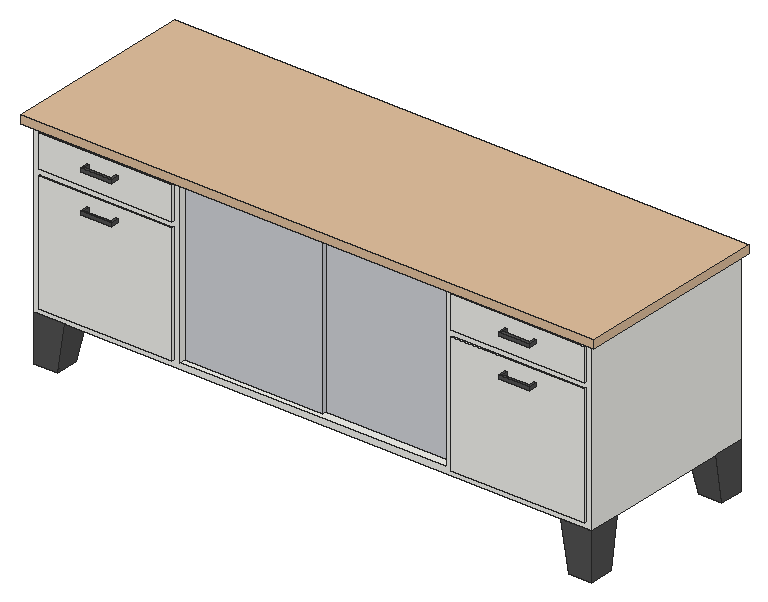
Revit family
Parameters (values of type "1830 x 0610mm")
  깊이 = 610.00 mm
  책상-몸체 = 래미네이티드 플라스틱 - 아이보리색, 무광
  핸들/다리 재료 = 금속 - 크롬
  상단 재료 = 목재 - 벚나무
  높이 = 734.00 mm
  폭 = 1830.00 mm
Types (3, lengths in mm): name | 폭
  (no name) | 1830.00
  1830 x 0610mm | 1830.00
  1525 x 0610mm | 1525.00
Reference planes
  plane 1 "중심(앞/뒤)": y = 4.58
  plane 2: z = 0
  plane 3 "중심(왼쪽/오른쪽)": x = 59.544
  plane 4 "뒤로": y = 309.58
  plane 5 "앞면": y = -300.42
  plane 6 "오른쪽": x = 974.544
  plane 7 "왼쪽": x = -855.456
  plane 8 "상단": z = 734
  plane 9: z = 152.4
  plane 10: x = -397.956
  plane 11: x = 517.044
  plane 12: y = -306.77
  plane 13: y = 290.33
  plane 14: x = 745.794
  plane 15: z = 654.137
  plane 16: z = 527.05
  plane 17: x = 694.544
  plane 18: x = -626.706
  plane 19: z = 654.05
  plane 20: z = 527.05
Forms (mm)
  Extrusion 1, solid, material "목재 - 벚나무" <- "상단 재료"
    sketch origin (0, 0, 0) x (1, 0, 0) y (0, 1, 0)
      loop
        line (-880.856, 309.58) -> (-880.856, -325.82) -> (999.944, -325.82) -> (999.944, 309.58) -> (-880.856, 309.58)
    from 708.6 to 734
  Extrusion 2, solid, material "래미네이티드 플라스틱 - 아이보리색, 무광" <- "책상-몸체"
    sketch origin (0, 0, 0) x (1, 0, 0) y (0, 1, 0)
      loop
        line (-855.456, 309.58) -> (-855.456, -300.42) -> (974.544, -300.42) -> (974.544, 309.58) -> (-855.456, 309.58)
    from 152.4 to 708.6
  Blend 3, solid, material "금속 - 크롬" <- "핸들/다리 재료"
    base sketch origin (-854.856, 614.18, 0) x (1, 0, 0) y (0, 1, 0)
      loop
        line (1829.4, -914.6) -> (1829.4, -838.4) -> (1753.2, -838.4) -> (1753.2, -914.6) -> (1829.4, -914.6)
    top sketch origin (-854.856, 614.18, 0) x (1, 0, 0) y (0, 1, 0)
      loop
        line (1829.4, -914.6) -> (1829.4, -813) -> (1727.8, -813) -> (1727.8, -914.6) -> (1829.4, -914.6)
    from 0 to 152.4
  Blend 4, solid, material "금속 - 크롬" <- "핸들/다리 재료"
    base sketch origin (973.944, -605.02, 0) x (-1, 0, 0) y (0, -1, 0)
      loop
        line (1829.4, -914.6) -> (1829.4, -838.4) -> (1753.2, -838.4) -> (1753.2, -914.6) -> (1829.4, -914.6)
    top sketch origin (973.944, -605.02, 0) x (-1, 0, 0) y (0, -1, 0)
      loop
        line (1829.4, -914.6) -> (1829.4, -813) -> (1727.8, -813) -> (1727.8, -914.6) -> (1829.4, -914.6)
    from 0 to 152.4
  Blend 5, solid, material "금속 - 크롬" <- "핸들/다리 재료"
    base sketch origin (973.944, 614.18, 0) x (-1, 0, 0) y (0, -1, 0)
      loop
        line (1829.4, 914.6) -> (1753.2, 914.6) -> (1753.2, 838.4) -> (1829.4, 838.4) -> (1829.4, 914.6)
    top sketch origin (973.944, 614.18, 0) x (-1, 0, 0) y (0, -1, 0)
      loop
        line (1829.4, 914.6) -> (1727.8, 914.6) -> (1727.8, 813) -> (1829.4, 813) -> (1829.4, 914.6)
    from 0 to 152.4
  Extrusion 6, solid, material "래미네이티드 플라스틱 - 아이보리색, 무광" <- "책상-몸체"
    sketch origin (1143, 309.58, 0) x (1, 0, 0) y (0, 0, 1)
      loop
        line (-1979.406, 689.55) -> (-1979.406, 581.6) -> (-1540.956, 581.6) -> (-1540.956, 689.55) -> (-1979.406, 689.55)
      loop
        line (-1540.956, 171.45) -> (-1540.956, 562.55) -> (-1979.406, 562.55) -> (-1979.406, 171.45) -> (-1540.956, 171.45)
    from 610 to 616.35
  Extrusion 7, solid, material "래미네이티드 플라스틱 - 아이보리색, 무광" <- "책상-몸체"
    sketch origin (1143, 309.58, 0) x (1, 0, 0) y (0, 0, 1)
      loop
        line (-625.956, 689.55) -> (-625.956, 584.2) -> (-187.506, 584.2) -> (-187.506, 689.55) -> (-625.956, 689.55)
      loop
        line (-187.506, 171.45) -> (-187.506, 565.15) -> (-625.956, 565.15) -> (-625.956, 171.45) -> (-187.506, 171.45)
    from 609.6 to 615.95
  Blend 8, solid, material "금속 - 크롬" <- "핸들/다리 재료"
    base sketch origin (-854.856, -605.02, 0) x (1, 0, 0) y (0, 1, 0)
      loop
        line (1829.4, 914.6) -> (1753.2, 914.6) -> (1753.2, 838.4) -> (1829.4, 838.4) -> (1829.4, 914.6)
    top sketch origin (-854.856, -605.02, 0) x (1, 0, 0) y (0, 1, 0)
      loop
        line (1829.4, 914.6) -> (1727.8, 914.6) -> (1727.8, 813) -> (1829.4, 813) -> (1829.4, 914.6)
    from 0 to 152.4
  Extrusion 9, void
    sketch origin (1143, 309.58, 0) x (1, 0, 0) y (0, 0, 1)
      loop
        line (-1521.906, 689.55) -> (-1521.906, 171.45) -> (-645.006, 171.45) -> (-645.006, 689.55) -> (-1521.906, 689.55)
    from 19.25 to 610
  Extrusion 10, solid
    sketch origin (1143, 309.58, 0) x (1, 0, 0) y (0, 0, 1)
      loop
        line (-1069.375, 689.55) -> (-1521.906, 689.55) -> (-1521.906, 171.45) -> (-1069.375, 171.45) -> (-1069.375, 689.55)
    from 576.652 to 589.352
  Extrusion 11, solid
    sketch origin (34.008, -300.42, 0) x (1, 0, 0) y (0, 0, 1)
      loop
        line (497.994, 689.55) -> (12.836, 689.55) -> (12.836, 171.45) -> (497.994, 171.45) -> (497.994, 689.55)
    from -45.648 to -33.348
  Sweep 12, solid, material "금속 - 크롬" <- "핸들/다리 재료"
    path origin (0, 0, 0) x (1, 0, 0) y (0, 1, 0)
      loop
        line (694.994, -306.77) -> (694.994, -332.17) -> (796.594, -332.17) -> (796.594, -306.77)
    profile origin (0, -319.47, 0) x (1, 0, 0) y (0, 0, 1)
      loop
        line (694.994, 654.137) -> (694.994, 641.437) -> (701.344, 641.437) -> (701.344, 654.137) -> (694.994, 654.137)
      loop
        line (694.994, 527.05) -> (694.994, 514.35) -> (701.344, 514.35) -> (701.344, 527.05) -> (694.994, 527.05)
  Sweep 13, solid, material "금속 - 크롬" <- "핸들/다리 재료"
    path origin (0, 0, 0) x (1, 0, 0) y (0, 1, 0)
      loop
        line (-677.506, -306.77) -> (-677.506, -332.17) -> (-575.906, -332.17) -> (-575.906, -306.77)
    profile origin (0, -319.47, 0) x (1, 0, 0) y (0, 0, 1)
      loop
        line (-677.506, 527.05) -> (-677.506, 514.35) -> (-671.156, 514.35) -> (-671.156, 527.05) -> (-677.506, 527.05)
      loop
        line (-677.506, 654.05) -> (-677.506, 641.35) -> (-671.156, 641.35) -> (-671.156, 654.05) -> (-677.506, 654.05)
Cuts and joins
  Extrusion 9 cuts Extrusion 1
  Extrusion 9 cuts Extrusion 2
  Extrusion 9 cuts Blend 3
  Extrusion 9 cuts Blend 4
  Extrusion 9 cuts Blend 5
  Extrusion 9 cuts Extrusion 6
  Extrusion 9 cuts Extrusion 7
  Extrusion 9 cuts Blend 8
Lines and regions (mm)
  Masking region 1
    outline origin (0, 0, 0) x (1, 0, 0) y (0, 1, 0)
      loop
        line (-855.456, 290.33) -> (-855.456, -306.77) -> (974.544, -306.77) -> (974.544, 290.33) -> (-855.456, 290.33)
  symbolic lines
    curve 1: line (-582.256, -306.77, 0) -> (-582.256, -325.82, 0)
    curve 2: line (-671.156, -325.82, 0) -> (-671.156, -306.77, 0)
    curve 3: line (-582.256, -325.82, 0) -> (-671.156, -325.82, 0)
    curve 4: line (790.244, -306.77, 0) -> (790.244, -325.82, 0)
    curve 5: line (701.344, -325.82, 0) -> (701.344, -306.77, 0)
    curve 6: line (790.244, -325.82, 0) -> (701.344, -325.82, 0)
Dimensions and locks
  equal spacing: plane 7 "왼쪽", plane 3 "중심(왼쪽/오른쪽)", plane 6 "오른쪽"
  equal spacing: plane 5 "앞면", plane 1 "중심(앞/뒤)", plane 4 "뒤로"
  "폭": plane 7 "왼쪽" to plane 6 "오른쪽"
  "깊이": plane 5 "앞면" to plane 4 "뒤로"
  "높이": plane 8 "상단" to plane 2
  locked: Extrusion 1 to Extrusion 1 at 25.4
  locked: plane 9 to plane 2 at 152.4
  equal spacing: plane 7 "왼쪽", plane 10, plane 3 "중심(왼쪽/오른쪽)"
  equal spacing: plane 6 "오른쪽", plane 11, plane 3 "중심(왼쪽/오른쪽)"
  plane 12 to plane 5 "앞면" = 6.35 mm
  Extrusion 1 to Extrusion 6 sketch curve = 19.05 mm
  equal spacing: plane 11, plane 14, plane 6 "오른쪽"
  equal spacing: plane 7 "왼쪽", plane 18, plane 10
  aligned and locked: Extrusion 1 to plane 8 "상단"
  aligned and locked: Extrusion 2 to Extrusion 1
  aligned and locked: plane 6 "오른쪽" to Extrusion 2 sketch curve
  aligned and locked: Extrusion 2 sketch curve to plane 5 "앞면"
  aligned and locked: Extrusion 1 sketch curve to plane 4 "뒤로"
  aligned and locked: Extrusion 6 to plane 5 "앞면"
  aligned and locked: Extrusion 6 to plane 12
  aligned and locked: plane 5 "앞면" to Extrusion 9
  aligned and locked: plane 13 to Extrusion 9
  aligned and locked: Extrusion 11 to Extrusion 10
  aligned and locked: Masking region 1 sketch curve to plane 7 "왼쪽"
  aligned and locked: Masking region 1 sketch curve to plane 13
  aligned and locked: plane 6 "오른쪽" to Masking region 1 sketch curve
  aligned and locked: plane 12 to Masking region 1 sketch curve
Automatic sketch dimensions
  Blend 3 sketch curve to plane 5 "앞면" = 0.00 mm  (x2)
  Blend 3 sketch curve to plane 6 "오른쪽" = 0.00 mm  (x2)
  Blend 3 sketch curve to Blend 3 sketch curve = 76.20 mm  (x2)
  Blend 3 sketch curve to Blend 3 sketch curve = 101.60 mm  (x2)
  Blend 4 sketch curve to plane 4 "뒤로" = 0.00 mm  (x2)
  Blend 4 sketch curve to plane 7 "왼쪽" = 0.00 mm  (x2)
  Blend 4 sketch curve to Blend 4 sketch curve = 76.20 mm  (x2)
  Blend 4 sketch curve to Blend 4 sketch curve = 101.60 mm  (x2)
  Blend 5 sketch curve to plane 5 "앞면" = 0.00 mm  (x2)
  Blend 5 sketch curve to plane 7 "왼쪽" = 0.00 mm  (x2)
  Blend 5 sketch curve to Blend 5 sketch curve = 76.20 mm  (x2)
  Blend 5 sketch curve to Blend 5 sketch curve = 101.60 mm  (x2)
  plane 5 "앞면" to Extrusion 1 sketch curve = 25.40 mm
  plane 7 "왼쪽" to Extrusion 1 sketch curve = 25.40 mm
  Extrusion 1 sketch curve to plane 6 "오른쪽" = 25.40 mm
  Blend 8 sketch curve to plane 4 "뒤로" = 0.00 mm  (x2)
  Blend 8 sketch curve to plane 6 "오른쪽" = 0.00 mm  (x2)
  Blend 8 sketch curve to Blend 8 sketch curve = 76.20 mm  (x2)
  Blend 8 sketch curve to Blend 8 sketch curve = 101.60 mm  (x2)
  Extrusion 9 sketch curve to plane 10 = 19.05 mm
  plane 11 to Extrusion 9 sketch curve = 19.05 mm
  Extrusion 9 sketch curve to plane 9 = 19.05 mm
  plane 8 "상단" to Extrusion 9 sketch curve = 44.45 mm
  plane 3 "중심(왼쪽/오른쪽)" to Extrusion 10 sketch curve = 14.081 mm
  Extrusion 10 sketch curve to plane 9 = 19.05 mm
  Extrusion 10 sketch curve to plane 10 = 19.05 mm
  plane 8 "상단" to Extrusion 10 sketch curve = 44.45 mm
  Extrusion 11 sketch curve to plane 3 "중심(왼쪽/오른쪽)" = 12.70 mm
  Extrusion 11 sketch curve to plane 9 = 19.05 mm
  Extrusion 11 sketch curve to plane 11 = 14.958 mm
  plane 8 "상단" to Extrusion 11 sketch curve = 44.45 mm
  Extrusion 7 sketch curve to plane 11 = 0.00 mm  (x2)
  plane 6 "오른쪽" to Extrusion 7 sketch curve = 19.05 mm  (x2)
  Extrusion 7 sketch curve to plane 9 = 19.05 mm
  Extrusion 7 sketch curve to Extrusion 7 sketch curve = 393.70 mm
  Extrusion 7 sketch curve to Extrusion 7 sketch curve = 19.05 mm
  plane 8 "상단" to Extrusion 7 sketch curve = 44.45 mm
  Extrusion 6 sketch curve to plane 10 = 0.00 mm  (x2)
  Extrusion 6 sketch curve to plane 7 "왼쪽" = 19.05 mm
  Extrusion 6 sketch curve to Extrusion 6 sketch curve = 0.00 mm
  Extrusion 6 sketch curve to Extrusion 6 sketch curve = 107.95 mm
  Extrusion 6 sketch curve to Extrusion 6 sketch curve = 19.05 mm
  Extrusion 6 sketch curve to plane 9 = 19.05 mm
  Sweep 12 sketch curve to plane 12 = 0.00 mm  (x2)
  Sweep 12 sketch curve to plane 12 = 25.40 mm
  Sweep 12 sketch curve to plane 14 = 50.80 mm
  plane 14 to Sweep 12 sketch curve = 50.80 mm
  Sweep 12 sketch curve to profile plane = 0.00 mm  (x2)
  Sweep 12 sketch curve to plane 16 = 0.00 mm
  Sweep 12 sketch curve to plane 15 = 0.00 mm
  Sweep 12 sketch curve to profile plane = 6.35 mm  (x2)
  plane 16 to Sweep 12 sketch curve = 12.70 mm
  plane 15 to Sweep 12 sketch curve = 12.70 mm
  Sweep 13 sketch curve to plane 12 = 0.00 mm  (x2)
  Sweep 13 sketch curve to plane 12 = 25.40 mm
  Sweep 13 sketch curve to plane 18 = 50.80 mm
  plane 18 to Sweep 13 sketch curve = 50.80 mm
  Sweep 13 sketch curve to profile plane = 0.00 mm  (x2)
  Sweep 13 sketch curve to plane 19 = 0.00 mm
  Sweep 13 sketch curve to plane 20 = 0.00 mm
  Sweep 13 sketch curve to profile plane = 6.35 mm  (x2)
  plane 20 to Sweep 13 sketch curve = 12.70 mm
  Sweep 13 sketch curve to Sweep 13 sketch curve = 12.70 mm
  Extrusion 2 sketch curve to plane 7 "왼쪽" = 0.00 mm
  Extrusion 2 sketch curve to plane 4 "뒤로" = 0.00 mm
  curve 1 to plane 12 = 0.00 mm
  curve 1 to plane 12 = 19.05 mm
  plane 18 to curve 1 = 44.45 mm
  curve 2 to plane 12 = 0.00 mm
  curve 2 to plane 18 = 44.45 mm
  curve 4 to plane 12 = 0.00 mm
  plane 14 to curve 4 = 44.45 mm
  curve 5 to plane 12 = 0.00 mm
  curve 5 to plane 12 = 19.05 mm
  curve 5 to plane 14 = 44.45 mm
